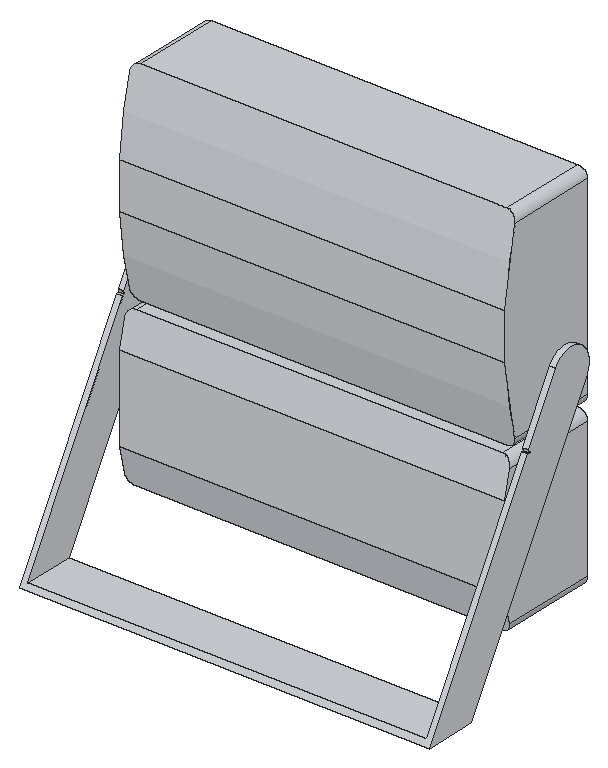
Revit family "Lighting-Floodlights-GEWISS-SMART[PRO]2.0-LED-MEDIUM-POWER_2MODULE_DALI.CLI", category Apparecchi per illuminazione, host Superficie, Revit 2019
Family settings
  Host = Superficie
  Quota connettore circolare = Usa diametro
  Tipo di parte = Normale
  Taglio con vuoti quando caricato = No
  Sorgente d'illuminazione = No
  Condiviso = No
  Punto di calcolo locali = No
Parameters (values of type "GWP2285ND - SMARTPRO2.0 2M 5700K CRI80 A3 DALI CL1")
  Wiring = "Watertight connector"
  Weight (kg): = "13"
  Weight (kg) = ""
  Warranty = "5 years"
  Voltage- = ""
  Versions = "5700K cold light"
  Version type = ""
  Version file RFA = "20.11"
  VISIBILITA PROIETTORE IN PIANTA [instance] = no
  VIBILITA SIMBOLO [instance] = not(VISIBILITA PROIETTORE IN PIANTA)  # yes
  Unique digital code (Datamatrix) = "Currently not present"
  Unified Glare Rating = "G*6 - ULOR = 0"
  URL = "https://www.gewiss.com/ww/en"
  Typology = ""
  Type of light source = "LED - Not replaceable"
  Tilt- = "Rotation on bracket with integrated goniometer"
  Technical sheet = "https://www.gewiss.com/ww/en/search?q=GWP2285ND"
  System power = "330W"
  Supply voltage = "220 - 240 V"
  Stocking temperature = "-"
  Standards and approvals = "-"
  Standard- = "EN60598-1; EN60598-2-5; IEC 62778; IEC 62471; EN13201"
  Standard Deviation Colour Matching = "SDCM = 3"
  Spostamento_x_effettivo = 4000 mm - Spostamento_x  # 1813.822 mm
  Spostamento_x = 2186.178 mm
  Shock resistance = "IK08"
  Shield type = "Flat tempered glass 4mm"
  SEO = "Floodlight"
  Regolazione inclinazione = ""
  Realized by GEWISS S.p.A. = ""
  Rated frequency (Hz) = "50 / 60"
  Default Elevation = 1219.2 mm
  Produttore = "GEWISS S.p.A."
  Photobiological Risk Class = "-"
  Overvoltage resistance : = ""
  Overvoltage protection = "DM 6 kV / CM 10 kV"
  Optic and illuminating features = "-"
  Optic Maintenance = "Not available"
  Optic : = "Polished anodised aluminum reflector with 99.99% pure aluminum"
  Optic = "A3 - Assymetric Narrow"
  Operating temperature: = ""
  Operating temperature : = "-30 +50 °C"
  N° LED = ""
  Number of modules = ""
  No. Chorus modules = ""
  Mouting and installation = "High-mast lighting - Wall mounting - Ground mouting"
  Modello = "GWP2285ND"
  Minimum distance from the illuminated object = ""
  Maximum surface exposed to the wind : = "0,170 m2"
  Maximum surface exposed to the wind = ""
  Materials = "-"
  Luminaire = "LED luminaire with small,mid and high lumen power"
  Lumen output (lm) = "37200"
  Locking Hook = "Hexagonal metric screws"
  Lifetime = "L90B10 (Tq+25°C) - 40000h L90B10 (Tq+50°C) = 32000h L80B10 (Tq+25°C) - 90000h"
  Life Time L90B10 (Tq 50Â°C) : = ""
  Life Time L90B10 (Tq 25Â°C) : = ""
  Life Time L80B10 (Tq 25Â°C) = ""
  Lampada = "LED"
  Lamp- = ""
  LED current = ""
  LED Maintenance = "Not available"
  Insulation class = "I"
  Installationa and maintenance = "-"
  Immagine tipo = GWP2274AD.jpg
  IPEA = "ROAD = A // LARGE AREAS = A3 + // CYCLOPEDONALS = A + // GREEN AREAS = A + // HISTORICAL CENTER = A5 + // OTHER = A5 +"
  IP degree = "IP66"
  IDT = "256691c01990452284852cf61e57a00c"
  IDF = "fea9197c-9a36-4712-b795-7101e1c42ea6"
  Glow Wire Test : = "-"
  General information = "-"
  Gasket = "Anti-aging silicone"
  GW - Codice Electrocod = "2424"
  Flusso nominale = ""
  Fixing = "Bracket"
  External screw = "Stainless steel"
  Eletrical and lighting features = "-"
  Efficiency (lm/W) = "113"
  EAN code = ""
  Driver Box = "Built-in"
  Driver = "Included"
  Device with reduced surface temperature = "No"
  Descrizione = "SMARTPRO2.0 2M 5700K CRI80 A3 DALI CL1"
  DIN 18032-3 certification = "Yes"
  Control System = "DALI"
  Context = "Sport, Big Areas"
  Colour temperature: = ""
  Colour temperature = "5700K"
  Colour : = "Polyester powder coated"
  Colour = "Graphite grey"
  Color Rendering Index = "CRI-80"
  Classification: = "-"
  Catalogue Range = ""
  Catalogue = "LIGHTING"
  COBie.Tagnumber = ""
  COBie.CreatedOn = ""
  COBie.CreatebBy = ""
  COBie.ComponentRegisterItemID = ""
  COBie.Component.TagNumber = ""
  COBie.Component.Space = ""
  COBie.Component.SerialNumber = ""
  COBie.Component.InstallationDate = ""
  COBie.Component.Description = ""
  COBie.Component.BarCode = ""
  Body = "Die-cast aluminium -"
  Applicazione = "Indoor / Outdoor"
Reference planes
  plane 1 "Centro (Fronte/Retro)": y = 0
  plane 2: z = 0
  plane 3 "Centro (Sinistra/Destra)": x = 0
  plane 4: x = -1813.822
  plane 5: x = 0
Lines and regions (mm)
  Masking region 1, visible <- "VISIBILITA PROIETTORE IN PIANTA"
    outline origin (0, 0, 0) x (1, 0, 0) y (0, 1, 0)
      loop
        line (-199.835, 106.682) -> (-199.835, -103.584) -> (200.165, -103.584) -> (200.165, 106.682) -> (-199.835, 106.682)
  Masking region 2, visible <- "VISIBILITA PROIETTORE IN PIANTA"
    outline origin (0, 0, 0) x (1, 0, 0) y (0, 1, 0)
      loop
        line (-212.835, -113.135) -> (213.165, -113.135) -> (213.165, 106.682) -> (207.165, 106.682) -> (207.165, -110.249) -> (-207.165, -110.249) -> (-207.165, 106.682) -> (-212.835, 106.682) -> (-212.835, -113.135)
  symbolic lines, visible <- "VISIBILITA PROIETTORE IN PIANTA"
    curve 1: line (-193.91, 0, 417.088) -> (173.228, 0, 417.088)
    curve 2: line (-206.772, 0, 217.838) -> (-206.772, 0, 404.227)
    curve 3: line (173.228, 0, 197.838) -> (-186.772, 0, 197.838)
    curve 4: line (193.228, 0, 397.088) -> (193.228, 0, 217.838)
    curve 5: arc (-206.772, 0, 404.227) -> (-203.005, 0, 413.321) -> (-193.91, 0, 417.088) r 12.861
    curve 6: arc (193.228, 0, 397.088) -> (187.37, 0, 411.23) -> (173.228, 0, 417.088) r 20
    curve 7: arc (173.228, 0, 197.838) -> (187.37, 0, 203.696) -> (193.228, 0, 217.838) r 20
    curve 8: arc (-206.772, 0, 217.838) -> (-200.914, 0, 203.696) -> (-186.772, 0, 197.838) r 20
    curve 9: line (-193.91, 0, 182.088) -> (173.228, 0, 182.088)
    curve 10: line (-206.772, 0, 57.838) -> (-206.772, 0, 169.227)
    curve 11: line (173.228, 0, 37.838) -> (-186.772, 0, 37.838)
    curve 12: line (193.228, 0, 162.088) -> (193.228, 0, 57.838)
    curve 13: arc (-206.772, 0, 169.227) -> (-203.005, 0, 178.321) -> (-193.91, 0, 182.088) r 12.861
    curve 14: arc (193.228, 0, 162.088) -> (187.37, 0, 176.23) -> (173.228, 0, 182.088) r 20
    curve 15: arc (173.228, 0, 37.838) -> (187.37, 0, 43.696) -> (193.228, 0, 57.838) r 20
    curve 16: arc (-206.772, 0, 57.838) -> (-200.914, 0, 43.696) -> (-186.772, 0, 37.838) r 20
    curve 17: line (-227.35, 0, 25) -> (-227.35, 0, 253.745)
    curve 18: line (-222.35, 0, 248.021) -> (-222.35, 0, 30)
    curve 19: line (181.521, 0, 0) -> (-192.35, 0, 0)
    curve 20: line (-197.35, 0, -5) -> (186.521, 0, -5)
    curve 21: arc (-227.35, 0, 25) -> (-218.563, 0, 3.787) -> (-197.35, 0, -5) r 30
    curve 22: arc (-222.35, 0, 30) -> (-213.563, 0, 8.787) -> (-192.35, 0, 0) r 30
    curve 23: line (-227.35, 0, 211.958) -> (-225.82, 0, 211.958)
    curve 24: line (-225.82, 0, 211.958) -> (-227.841, 0, 215.455)
    curve 25: line (-227.841, 0, 215.455) -> (-231.85, 0, 222.399)
    curve 26: line (-231.85, 0, 222.399) -> (-231.85, 0, 228.935)
    curve 27: line (-231.85, 0, 228.935) -> (-231.85, 0, 247.511)
    curve 28: line (-231.85, 0, 247.511) -> (-226.218, 0, 257.265)
    curve 29: line (-222.35, 0, 211.265) -> (-204.35, 0, 211.265)
    curve 30: line (-204.35, 0, 257.265) -> (-226.218, 0, 257.265)
    curve 31: line (216.521, 0, 25) -> (216.521, 0, 253.745)
    curve 32: line (211.521, 0, 248.021) -> (211.521, 0, 30)
    curve 33: arc (216.521, 0, 25) -> (207.734, 0, 3.787) -> (186.521, 0, -5) r 30
    curve 34: arc (211.521, 0, 30) -> (202.734, 0, 8.787) -> (181.521, 0, 0) r 30
    curve 35: line (216.521, 0, 211.958) -> (214.991, 0, 211.958)
    curve 36: line (214.991, 0, 211.958) -> (217.011, 0, 215.455)
    curve 37: line (217.011, 0, 215.455) -> (221.021, 0, 222.399)
    curve 38: line (221.021, 0, 222.399) -> (221.021, 0, 228.935)
    curve 39: line (221.021, 0, 228.935) -> (221.021, 0, 247.511)
    curve 40: line (221.021, 0, 247.511) -> (215.389, 0, 257.265)
    curve 41: line (211.521, 0, 211.265) -> (193.521, 0, 211.265)
    curve 42: line (193.521, 0, 257.265) -> (215.389, 0, 257.265)
  symbolic lines, visible <- "VISIBILITA PROIETTORE IN PIANTA", not visible
    curve 43: line (382.37, 0, 549.17) -> (749.508, 0, 549.17)
    curve 44: line (369.508, 0, 349.92) -> (369.508, 0, 536.309)
    curve 45: line (749.508, 0, 329.92) -> (389.508, 0, 329.92)
    curve 46: line (769.508, 0, 529.17) -> (769.508, 0, 349.92)
    curve 47: arc (369.508, 0, 536.309) -> (373.275, 0, 545.403) -> (382.37, 0, 549.17) r 12.861
    curve 48: arc (769.508, 0, 529.17) -> (763.651, 0, 543.313) -> (749.508, 0, 549.17) r 20
    curve 49: arc (749.508, 0, 329.92) -> (763.651, 0, 335.778) -> (769.508, 0, 349.92) r 20
    curve 50: arc (369.508, 0, 349.92) -> (375.366, 0, 335.778) -> (389.508, 0, 329.92) r 20
    curve 51: line (382.37, 0, 314.17) -> (749.508, 0, 314.17)
    curve 52: line (369.508, 0, 189.92) -> (369.508, 0, 301.309)
    curve 53: line (749.508, 0, 169.92) -> (389.508, 0, 169.92)
    curve 54: line (769.508, 0, 294.17) -> (769.508, 0, 189.92)
    curve 55: arc (369.508, 0, 301.309) -> (373.275, 0, 310.403) -> (382.37, 0, 314.17) r 12.861
    curve 56: arc (769.508, 0, 294.17) -> (763.651, 0, 308.313) -> (749.508, 0, 314.17) r 20
    curve 57: arc (749.508, 0, 169.92) -> (763.651, 0, 175.778) -> (769.508, 0, 189.92) r 20
    curve 58: arc (369.508, 0, 189.92) -> (375.366, 0, 175.778) -> (389.508, 0, 169.92) r 20
    curve 59: line (348.93, 0, 157.082) -> (348.93, 0, 385.828)
    curve 60: line (353.93, 0, 380.103) -> (353.93, 0, 162.082)
    curve 61: line (757.801, 0, 132.082) -> (383.93, 0, 132.082)
    curve 62: line (378.93, 0, 127.082) -> (762.801, 0, 127.082)
    curve 63: arc (348.93, 0, 157.082) -> (357.717, 0, 135.869) -> (378.93, 0, 127.082) r 30
    curve 64: arc (353.93, 0, 162.082) -> (362.717, 0, 140.869) -> (383.93, 0, 132.082) r 30
    curve 65: line (348.93, 0, 344.04) -> (350.46, 0, 344.04)
    curve 66: line (350.46, 0, 344.04) -> (348.439, 0, 347.537)
    curve 67: line (348.439, 0, 347.537) -> (344.43, 0, 354.481)
    curve 68: line (344.43, 0, 354.481) -> (344.43, 0, 361.017)
    curve 69: line (344.43, 0, 361.017) -> (344.43, 0, 379.593)
    curve 70: line (344.43, 0, 379.593) -> (350.062, 0, 389.347)
    curve 71: line (353.93, 0, 343.347) -> (371.93, 0, 343.347)
    curve 72: line (371.93, 0, 389.347) -> (350.062, 0, 389.347)
    curve 73: line (792.801, 0, 157.082) -> (792.801, 0, 385.828)
    curve 74: line (787.801, 0, 380.103) -> (787.801, 0, 162.082)
    curve 75: arc (792.801, 0, 157.082) -> (784.014, 0, 135.869) -> (762.801, 0, 127.082) r 30
    curve 76: arc (787.801, 0, 162.082) -> (779.014, 0, 140.869) -> (757.801, 0, 132.082) r 30
    curve 77: line (792.801, 0, 344.04) -> (791.271, 0, 344.04)
    curve 78: line (791.271, 0, 344.04) -> (793.292, 0, 347.537)
    curve 79: line (793.292, 0, 347.537) -> (797.301, 0, 354.481)
    curve 80: line (797.301, 0, 354.481) -> (797.301, 0, 361.017)
    curve 81: line (797.301, 0, 361.017) -> (797.301, 0, 379.593)
    curve 82: line (797.301, 0, 379.593) -> (791.669, 0, 389.347)
    curve 83: line (787.801, 0, 343.347) -> (769.801, 0, 343.347)
    curve 84: line (769.801, 0, 389.347) -> (791.669, 0, 389.347)
    curve 85: line (-193.91, 0, 417.088) -> (173.228, 0, 417.088)
    curve 86: line (-206.772, 0, 217.838) -> (-206.772, 0, 404.227)
    curve 87: line (173.228, 0, 197.838) -> (-186.772, 0, 197.838)
    curve 88: line (193.228, 0, 397.088) -> (193.228, 0, 217.838)
    curve 89: arc (-206.772, 0, 404.227) -> (-203.005, 0, 413.321) -> (-193.91, 0, 417.088) r 12.861
    curve 90: arc (193.228, 0, 397.088) -> (187.37, 0, 411.23) -> (173.228, 0, 417.088) r 20
    curve 91: arc (173.228, 0, 197.838) -> (187.37, 0, 203.696) -> (193.228, 0, 217.838) r 20
    curve 92: arc (-206.772, 0, 217.838) -> (-200.914, 0, 203.696) -> (-186.772, 0, 197.838) r 20
    curve 93: line (-193.91, 0, 182.088) -> (173.228, 0, 182.088)
    curve 94: line (-206.772, 0, 57.838) -> (-206.772, 0, 169.227)
    curve 95: line (173.228, 0, 37.838) -> (-186.772, 0, 37.838)
    curve 96: line (193.228, 0, 162.088) -> (193.228, 0, 57.838)
    curve 97: arc (-206.772, 0, 169.227) -> (-203.005, 0, 178.321) -> (-193.91, 0, 182.088) r 12.861
    curve 98: arc (193.228, 0, 162.088) -> (187.37, 0, 176.23) -> (173.228, 0, 182.088) r 20
    curve 99: arc (173.228, 0, 37.838) -> (187.37, 0, 43.696) -> (193.228, 0, 57.838) r 20
    curve 100: arc (-206.772, 0, 57.838) -> (-200.914, 0, 43.696) -> (-186.772, 0, 37.838) r 20
    curve 101: line (-227.35, 0, 25) -> (-227.35, 0, 253.745)
    curve 102: line (-222.35, 0, 248.021) -> (-222.35, 0, 30)
    curve 103: line (181.521, 0, 0) -> (-192.35, 0, 0)
    curve 104: line (-197.35, 0, -5) -> (186.521, 0, -5)
    curve 105: arc (-227.35, 0, 25) -> (-218.563, 0, 3.787) -> (-197.35, 0, -5) r 30
    curve 106: arc (-222.35, 0, 30) -> (-213.563, 0, 8.787) -> (-192.35, 0, 0) r 30
    curve 107: line (-227.35, 0, 211.958) -> (-225.82, 0, 211.958)
    curve 108: line (-225.82, 0, 211.958) -> (-227.841, 0, 215.455)
    curve 109: line (-227.841, 0, 215.455) -> (-231.85, 0, 222.399)
    curve 110: line (-231.85, 0, 222.399) -> (-231.85, 0, 228.935)
    curve 111: line (-231.85, 0, 228.935) -> (-231.85, 0, 247.511)
    curve 112: line (-231.85, 0, 247.511) -> (-226.218, 0, 257.265)
    curve 113: line (-222.35, 0, 211.265) -> (-204.35, 0, 211.265)
    curve 114: line (-204.35, 0, 257.265) -> (-226.218, 0, 257.265)
    curve 115: line (216.521, 0, 25) -> (216.521, 0, 253.745)
    curve 116: line (211.521, 0, 248.021) -> (211.521, 0, 30)
    curve 117: arc (216.521, 0, 25) -> (207.734, 0, 3.787) -> (186.521, 0, -5) r 30
    curve 118: arc (211.521, 0, 30) -> (202.734, 0, 8.787) -> (181.521, 0, 0) r 30
    curve 119: line (216.521, 0, 211.958) -> (214.991, 0, 211.958)
    curve 120: line (214.991, 0, 211.958) -> (217.011, 0, 215.455)
    curve 121: line (217.011, 0, 215.455) -> (221.021, 0, 222.399)
    curve 122: line (221.021, 0, 222.399) -> (221.021, 0, 228.935)
    curve 123: line (221.021, 0, 228.935) -> (221.021, 0, 247.511)
    curve 124: line (221.021, 0, 247.511) -> (215.389, 0, 257.265)
    curve 125: line (211.521, 0, 211.265) -> (193.521, 0, 211.265)
    curve 126: line (193.521, 0, 257.265) -> (215.389, 0, 257.265)
Dimensions and locks
  plane 4 to plane 3 "Centro (Sinistra/Destra)" = 1813.822 mm
  "Spostamento_x_effettivo": plane 4 to plane 5
  aligned and locked: plane 2 to host face
  aligned and locked: level to host face
  aligned and locked: plane 3 "Centro (Sinistra/Destra)" to nested 1
  aligned and locked: plane 5 to nested 2
Automatic sketch dimensions
  host sketch curve to host sketch curve = 2438.4 mm  (x2)
  Masking region 1 sketch curve to plane 3 "Centro (Sinistra/Destra)" = 199.835 mm
  plane 3 "Centro (Sinistra/Destra)" to Masking region 1 sketch curve = 200.165 mm
  plane 1 "Centro (Fronte/Retro)" to Masking region 1 sketch curve = 103.584 mm
  Masking region 1 sketch curve to plane 1 "Centro (Fronte/Retro)" = 106.682 mm
  Masking region 2 sketch curve to plane 3 "Centro (Sinistra/Destra)" = 212.835 mm
  Masking region 2 sketch curve to Masking region 2 sketch curve = 5.671 mm
  plane 3 "Centro (Sinistra/Destra)" to Masking region 2 sketch curve = 207.165 mm
  Masking region 2 sketch curve to Masking region 2 sketch curve = 6 mm
  plane 1 "Centro (Fronte/Retro)" to Masking region 2 sketch curve = 113.135 mm
  Masking region 2 sketch curve to Masking region 2 sketch curve = 2.887 mm
  Masking region 2 sketch curve to plane 1 "Centro (Fronte/Retro)" = 106.682 mm  (x2)
Nested families
  nested 1: "SMART[PRO]2.0 PROIETTORI LED MEDIA POTENZA 2 MOD DALI_BASE" at (-212.835, -103.584, 0), type "GWP2273AD - 3000K - Symm. S1 - 2x80 LED - 330W - IP66"
  nested 2: "SIMB2DALI" at (0, 20, 0), type "SIMB2DALI"
  nested 3: "SIMB2DALI" at (0, 0, 228.171) x (1, 0, 0) z (0, -1, 0), visible <- "VIBILITA SIMBOLO", type "SIMB2DALI"
Definition of nested family "SMART[PRO]2.0 PROIETTORI LED MEDIA POTENZA 2 MOD DALI_BASE"
  Parameters (values of type "GWP2273AD - 3000K - Symm. S1 - 2x80 LED - 330W - IP66")
    l = 400 mm  # constant formula
    Vetro = none
    Versioni = "Luce calda 3000K"
    Temperatura di colore = "3000 K (CRI 70)"
    Superficie massima esposta al vento [mq] = "0,43"
    Serie = "SMART [PRO] 2.0"
    Resistenza agli urti = "IK08"
    Regolazione inclinazione = "-180° ÷ + 180° staffa"
    Default Elevation = 1219.2 mm
    Manufacturer = "GEWISS"
    Potenza di sistema = "330W"
    Peso (kg) = "13"
    Ottica = "Simmetrica S1"
    N° LED = "160"
    Numero moduli = "2 (2x80 LED)"
    Model = "GWP2273AD"
    Lumen output (lm) = "34925"
    Lamp = "LED"
    Type Image = element 180151
    GW - Grado di protezione = "IP66"
    Garanzia = "5 anni"
    GEWISS SCHEDA TECNICA = "http://pro.gewiss.com/irj/portal/?NavigationTarget=pcd:portal_content/com.gewiss.ZPPFDMain/com.gewiss.ZPPFDITMain/com.gewiss.ZPPFDITMainDefault/com.gewiss.ZPPFDITPages/com.gewiss.ZPPFDITPagesAP/com.gewiss.ZPPFDITPagesAPCatalogo/com.gewiss.ZPPPDITAPProductDetail&codProd=GWP2273AD"
    Flusso nominale = "44800"
    Description = "SMART PRO 2M 3000K CRI70 TYPE S1 DALI"
    GW - Codice Electrocod = "2424"
    Classe isolamento = "I"
    Applicazione = "Interno / Esterno"
  Types (32, lengths in mm): name | Versioni | Temperatura di colore | Ottica | Model | Lumen output (lm) | GEWISS SCHEDA TECNICA | Flusso nominale | Description
    GWP2273AD - 3000K - Symm. S1 - 2x80 LED - 330W - IP66 | "Luce calda 3000K" | "3000 K (CRI 70)" | "Simmetrica S1" | "GWP2273AD" | "34925" | "http://pro.gewiss.com/irj/portal/?NavigationTarget=pcd:portal_content/com.gewiss.ZPPFDMain/com.gewiss.ZPPFDITMain/com.gewiss.ZPPFDITMainDefault/com.gewiss.ZPPFDITPages/com.gewiss.ZPPFDITPagesAP/com.gewiss.ZPPFDITPagesAPCatalogo/com.gewiss.ZPPPDITAPProductDetail&codProd=GWP2273AD" | "44800" | "SMART PRO 2M 3000K CRI70 TYPE S1 DALI"
    GWP2273BD - 3000K - Symm. S2 - 2x80 LED - 330W - IP66 | "Luce calda 3000K" | "3000 K (CRI 70)" | "Simmetrica S2" | "GWP2273BD" | "37137" | "http://pro.gewiss.com/irj/portal/?NavigationTarget=pcd:portal_content/com.gewiss.ZPPFDMain/com.gewiss.ZPPFDITMain/com.gewiss.ZPPFDITMainDefault/com.gewiss.ZPPFDITPages/com.gewiss.ZPPFDITPagesAP/com.gewiss.ZPPFDITPagesAPCatalogo/com.gewiss.ZPPPDITAPProductDetail&codProd=GWP2273BD" | "44800" | "SMART PRO 2M 3000K CRI70 TYPE S2 DALI"
    GWP2273CD - 3000K - Asymm. A1 - 2x80 LED - 330W - IP66 | "Luce calda 3000K" | "3000 K (CRI 70)" | "Asimmetrica A1" | "GWP2273CD" | "34141" | "http://pro.gewiss.com/irj/portal/?NavigationTarget=pcd:portal_content/com.gewiss.ZPPFDMain/com.gewiss.ZPPFDITMain/com.gewiss.ZPPFDITMainDefault/com.gewiss.ZPPFDITPages/com.gewiss.ZPPFDITPagesAP/com.gewiss.ZPPFDITPagesAPCatalogo/com.gewiss.ZPPPDITAPProductDetail&codProd=GWP2273CD" | "44800" | "SMART PRO 2M 3000K CRI70 TYPE A1 DALI"
    GWP2273FD - 3000K - Asymm. A2 - 2x80 LED - 330W - IP66 | "Luce calda 3000K" | "3000 K (CRI 70)" | "Asimmetrica A2" | "GWP2273FD" | "29176" | "http://pro.gewiss.com/irj/portal/?NavigationTarget=pcd:portal_content/com.gewiss.ZPPFDMain/com.gewiss.ZPPFDITMain/com.gewiss.ZPPFDITMainDefault/com.gewiss.ZPPFDITPages/com.gewiss.ZPPFDITPagesAP/com.gewiss.ZPPFDITPagesAPCatalogo/com.gewiss.ZPPPDITAPProductDetail&codProd=GWP2273FD" | "44800" | "SMART PRO 2M 3000K CRI70 TYPE A2 DALI"
    GWP2273GD - 3000K - Circ. C4 - 2x80 LED - 330W - IP66 | "Luce calda 3000K" | "3000 K (CRI 70)" | "Circolare C4" | "GWP2273GD" | "35261" | "http://pro.gewiss.com/irj/portal/?NavigationTarget=pcd:portal_content/com.gewiss.ZPPFDMain/com.gewiss.ZPPFDITMain/com.gewiss.ZPPFDITMainDefault/com.gewiss.ZPPFDITPages/com.gewiss.ZPPFDITPagesAP/com.gewiss.ZPPFDITPagesAPCatalogo/com.gewiss.ZPPPDITAPProductDetail&codProd=GWP2273GD" | "44800" | "SMART PRO 2M 3000K CRI70 TYPE C4 DALI"
    GWP2273HD - 3000K - Circ. C3 - 2x80 LED - 330W - IP66 | "Luce calda 3000K" | "3000 K (CRI 70)" | "Circolare C3" | "GWP2273HD" | "35261" | "http://pro.gewiss.com/irj/portal/?NavigationTarget=pcd:portal_content/com.gewiss.ZPPFDMain/com.gewiss.ZPPFDITMain/com.gewiss.ZPPFDITMainDefault/com.gewiss.ZPPFDITPages/com.gewiss.ZPPFDITPagesAP/com.gewiss.ZPPFDITPagesAPCatalogo/com.gewiss.ZPPPDITAPProductDetail&codProd=GWP2273HD" | "44800" | "SMART PRO 2M 3000K CRI70 TYPE C3 DALI"
    GWP2273LD - 3000K - Circ. C2 - 2x80 LED - 330W - IP66 | "Luce calda 3000K" | "3000 K (CRI 70)" | "Circolare C2" | "GWP2273LD" | "35261" | "http://pro.gewiss.com/irj/portal/?NavigationTarget=pcd:portal_content/com.gewiss.ZPPFDMain/com.gewiss.ZPPFDITMain/com.gewiss.ZPPFDITMainDefault/com.gewiss.ZPPFDITPages/com.gewiss.ZPPFDITPagesAP/com.gewiss.ZPPFDITPagesAPCatalogo/com.gewiss.ZPPPDITAPProductDetail&codProd=GWP2273LD" | "44800" | "SMART PRO 2M 3000K CRI70 TYPE C2 DALI"
    GWP2273MD - 3000K - Circ. C1 - 2x80 LED - 330W - IP66 | "Luce calda 3000K" | "3000 K (CRI 70)" | "Circolare C1" | "GWP2273MD" | "35261" | "http://pro.gewiss.com/irj/portal/?NavigationTarget=pcd:portal_content/com.gewiss.ZPPFDMain/com.gewiss.ZPPFDITMain/com.gewiss.ZPPFDITMainDefault/com.gewiss.ZPPFDITPages/com.gewiss.ZPPFDITPagesAP/com.gewiss.ZPPFDITPagesAPCatalogo/com.gewiss.ZPPPDITAPProductDetail&codProd=GWP2273MD" | "44800" | "SMART PRO 2M 3000K CRI70 TYPE C1 DALI"
    GWP2274AD - 4000K - Symm. S1 - 2x80 LED - 330W - IP66 | "Luce naturale 4000K" | "4000 K (CRI 70)" | "Simmetrica S1" | "GWP2274AD" | "37420" | "http://pro.gewiss.com/irj/portal/?NavigationTarget=pcd:portal_content/com.gewiss.ZPPFDMain/com.gewiss.ZPPFDITMain/com.gewiss.ZPPFDITMainDefault/com.gewiss.ZPPFDITPages/com.gewiss.ZPPFDITPagesAP/com.gewiss.ZPPFDITPagesAPCatalogo/com.gewiss.ZPPPDITAPProductDetail&codProd=GWP2274AD" | "48000" | "SMART PRO 2M 4000K CRI70 TYPE S1 DALI"
    GWP2274BD - 4000K - Symm. S2 - 2x80 LED - 330W - IP66 | "Luce naturale 4000K" | "4000 K (CRI 70)" | "Simmetrica S2" | "GWP2274BD" | "39790" | "http://pro.gewiss.com/irj/portal/?NavigationTarget=pcd:portal_content/com.gewiss.ZPPFDMain/com.gewiss.ZPPFDITMain/com.gewiss.ZPPFDITMainDefault/com.gewiss.ZPPFDITPages/com.gewiss.ZPPFDITPagesAP/com.gewiss.ZPPFDITPagesAPCatalogo/com.gewiss.ZPPPDITAPProductDetail&codProd=GWP2274BD" | "48000" | "SMART PRO 2M 4000K CRI70 TYPE S2 DALI"
    GWP2274CD - 4000K - Asymm. A1 - 2x80 LED - 330W - IP66 | "Luce naturale 4000K" | "4000 K (CRI 70)" | "Asimmetrica A1" | "GWP2274CD" | "36580" | "http://pro.gewiss.com/irj/portal/?NavigationTarget=pcd:portal_content/com.gewiss.ZPPFDMain/com.gewiss.ZPPFDITMain/com.gewiss.ZPPFDITMainDefault/com.gewiss.ZPPFDITPages/com.gewiss.ZPPFDITPagesAP/com.gewiss.ZPPFDITPagesAPCatalogo/com.gewiss.ZPPPDITAPProductDetail&codProd=GWP2274CD" | "48000" | "SMART PRO 2M 4000K CRI70 TYPE A1 DALI"
    GWP2274FD - 4000K - Asymm. A2 - 2x80 LED - 330W - IP66 | "Luce naturale 4000K" | "4000 K (CRI 70)" | "Asimmetrica A2" | "GWP2274FD" | "31260" | "http://pro.gewiss.com/irj/portal/?NavigationTarget=pcd:portal_content/com.gewiss.ZPPFDMain/com.gewiss.ZPPFDITMain/com.gewiss.ZPPFDITMainDefault/com.gewiss.ZPPFDITPages/com.gewiss.ZPPFDITPagesAP/com.gewiss.ZPPFDITPagesAPCatalogo/com.gewiss.ZPPPDITAPProductDetail&codProd=GWP2274FD" | "48000" | "SMART PRO 2M 4000K CRI70 TYPE A2 DALI"
    GWP2274GD - 4000K - Circ. C4 - 2x80 LED - 330W - IP66 | "Luce naturale 4000K" | "4000 K (CRI 70)" | "Circolare C4" | "GWP2274GD" | "37780" | "http://pro.gewiss.com/irj/portal/?NavigationTarget=pcd:portal_content/com.gewiss.ZPPFDMain/com.gewiss.ZPPFDITMain/com.gewiss.ZPPFDITMainDefault/com.gewiss.ZPPFDITPages/com.gewiss.ZPPFDITPagesAP/com.gewiss.ZPPFDITPagesAPCatalogo/com.gewiss.ZPPPDITAPProductDetail&codProd=GWP2274GD" | "48000" | "SMART PRO 2M 4000K CRI70 TYPE C4 DALI"
    GWP2274HD - 4000K - Circ. C3 - 2x80 LED - 330W - IP66 | "Luce naturale 4000K" | "4000 K (CRI 70)" | "Circolare C3" | "GWP2274HD" | "37780" | "http://pro.gewiss.com/irj/portal/?NavigationTarget=pcd:portal_content/com.gewiss.ZPPFDMain/com.gewiss.ZPPFDITMain/com.gewiss.ZPPFDITMainDefault/com.gewiss.ZPPFDITPages/com.gewiss.ZPPFDITPagesAP/com.gewiss.ZPPFDITPagesAPCatalogo/com.gewiss.ZPPPDITAPProductDetail&codProd=GWP2274HD" | "48000" | "SMART PRO 2M 4000K CRI70 TYPE C3 DALI"
    GWP2274LD - 4000K - Circ. C2 - 2x80 LED - 330W - IP66 | "Luce naturale 4000K" | "4000 K (CRI 70)" | "Circolare C2" | "GWP2274LD" | "37780" | "http://pro.gewiss.com/irj/portal/?NavigationTarget=pcd:portal_content/com.gewiss.ZPPFDMain/com.gewiss.ZPPFDITMain/com.gewiss.ZPPFDITMainDefault/com.gewiss.ZPPFDITPages/com.gewiss.ZPPFDITPagesAP/com.gewiss.ZPPFDITPagesAPCatalogo/com.gewiss.ZPPPDITAPProductDetail&codProd=GWP2274LD" | "48000" | "SMART PRO 2M 4000K CRI70 TYPE C2 DALI"
    GWP2274MD - 4000K - Circ. C1 - 2x80 LED - 330W - IP66 | "Luce naturale 4000K" | "4000 K (CRI 70)" | "Circolare C1" | "GWP2274MD" | "37780" | "http://pro.gewiss.com/irj/portal/?NavigationTarget=pcd:portal_content/com.gewiss.ZPPFDMain/com.gewiss.ZPPFDITMain/com.gewiss.ZPPFDITMainDefault/com.gewiss.ZPPFDITPages/com.gewiss.ZPPFDITPagesAP/com.gewiss.ZPPFDITPagesAPCatalogo/com.gewiss.ZPPPDITAPProductDetail&codProd=GWP2274MD" | "48000" | "SMART PRO 2M 4000K CRI70 TYPE C1 DALI"
    GWP2275AD - 5700K - Symm. S1 - 2x80 LED - 330W - IP66 | "Luce fredda 5700K" | "5700 K (CRI 70)" | "Simmetrica S1" | "GWP2275AD" | "37420" | "http://pro.gewiss.com/irj/portal/?NavigationTarget=pcd:portal_content/com.gewiss.ZPPFDMain/com.gewiss.ZPPFDITMain/com.gewiss.ZPPFDITMainDefault/com.gewiss.ZPPFDITPages/com.gewiss.ZPPFDITPagesAP/com.gewiss.ZPPFDITPagesAPCatalogo/com.gewiss.ZPPPDITAPProductDetail&codProd=GWP2275AD" | "48000" | "SMART PRO 2M 5700K CRI70 TYPE S1 DALI"
    GWP2275BD - 5700K - Symm. S2 - 2x80 LED - 330W - IP66 | "Luce fredda 5700K" | "5700 K (CRI 70)" | "Simmetrica S2" | "GWP2275BD" | "39790" | "http://pro.gewiss.com/irj/portal/?NavigationTarget=pcd:portal_content/com.gewiss.ZPPFDMain/com.gewiss.ZPPFDITMain/com.gewiss.ZPPFDITMainDefault/com.gewiss.ZPPFDITPages/com.gewiss.ZPPFDITPagesAP/com.gewiss.ZPPFDITPagesAPCatalogo/com.gewiss.ZPPPDITAPProductDetail&codProd=GWP2275BD" | "48000" | "SMART PRO 2M 5700K CRI70 TYPE S2 DALI"
    GWP2275CD - 5700K - Asymm. A1 - 2x80 LED - 330W - IP66 | "Luce fredda 5700K" | "5700 K (CRI 70)" | "Asimmetrica A1" | "GWP2275CD" | "36580" | "http://pro.gewiss.com/irj/portal/?NavigationTarget=pcd:portal_content/com.gewiss.ZPPFDMain/com.gewiss.ZPPFDITMain/com.gewiss.ZPPFDITMainDefault/com.gewiss.ZPPFDITPages/com.gewiss.ZPPFDITPagesAP/com.gewiss.ZPPFDITPagesAPCatalogo/com.gewiss.ZPPPDITAPProductDetail&codProd=GWP2275CD" | "48000" | "SMART PRO 2M 5700K CRI70 TYPE A1 DALI"
    GWP2275FD - 5700K - Asymm. A2 - 2x80 LED - 330W - IP66 | "Luce fredda 5700K" | "5700 K (CRI 70)" | "Asimmetrica A2" | "GWP2275FD" | "31260" | "http://pro.gewiss.com/irj/portal/?NavigationTarget=pcd:portal_content/com.gewiss.ZPPFDMain/com.gewiss.ZPPFDITMain/com.gewiss.ZPPFDITMainDefault/com.gewiss.ZPPFDITPages/com.gewiss.ZPPFDITPagesAP/com.gewiss.ZPPFDITPagesAPCatalogo/com.gewiss.ZPPPDITAPProductDetail&codProd=GWP2275FD" | "48000" | "SMART PRO 2M 5700K CRI70 TYPE A2 DALI"
    GWP2275GD - 5700K - Circ. C4 - 2x80 LED - 330W - IP66 | "Luce fredda 5700K" | "5700 K (CRI 70)" | "Circolare C4" | "GWP2275GD" | "37780" | "http://pro.gewiss.com/irj/portal/?NavigationTarget=pcd:portal_content/com.gewiss.ZPPFDMain/com.gewiss.ZPPFDITMain/com.gewiss.ZPPFDITMainDefault/com.gewiss.ZPPFDITPages/com.gewiss.ZPPFDITPagesAP/com.gewiss.ZPPFDITPagesAPCatalogo/com.gewiss.ZPPPDITAPProductDetail&codProd=GWP2275GD" | "48000" | "SMART PRO 2M 5700K CRI70 TYPE C4 DALI"
    GWP2275HD - 5700K - Circ. C3 - 2x80 LED - 330W - IP66 | "Luce fredda 5700K" | "5700 K (CRI 70)" | "Circolare C3" | "GWP2275HD" | "37780" | "http://pro.gewiss.com/irj/portal/?NavigationTarget=pcd:portal_content/com.gewiss.ZPPFDMain/com.gewiss.ZPPFDITMain/com.gewiss.ZPPFDITMainDefault/com.gewiss.ZPPFDITPages/com.gewiss.ZPPFDITPagesAP/com.gewiss.ZPPFDITPagesAPCatalogo/com.gewiss.ZPPPDITAPProductDetail&codProd=GWP2275HD" | "48000" | "SMART PRO 2M 5700K CRI70 TYPE C3 DALI"
    GWP2275LD - 5700K - Circ. C2 - 2x80 LED - 330W - IP66 | "Luce fredda 5700K" | "5700 K (CRI 70)" | "Circolare C2" | "GWP2275LD" | "37780" | "http://pro.gewiss.com/irj/portal/?NavigationTarget=pcd:portal_content/com.gewiss.ZPPFDMain/com.gewiss.ZPPFDITMain/com.gewiss.ZPPFDITMainDefault/com.gewiss.ZPPFDITPages/com.gewiss.ZPPFDITPagesAP/com.gewiss.ZPPFDITPagesAPCatalogo/com.gewiss.ZPPPDITAPProductDetail&codProd=GWP2275LD" | "48000" | "SMART PRO 2M 5700K CRI70 TYPE C2 DALI"
    GWP2275MD - 5700K - Circ. C1 - 2x80 LED - 330W - IP66 | "Luce fredda 5700K" | "5700 K (CRI 70)" | "Circolare C1" | "GWP2275MD" | "37780" | "http://pro.gewiss.com/irj/portal/?NavigationTarget=pcd:portal_content/com.gewiss.ZPPFDMain/com.gewiss.ZPPFDITMain/com.gewiss.ZPPFDITMainDefault/com.gewiss.ZPPFDITPages/com.gewiss.ZPPFDITPagesAP/com.gewiss.ZPPFDITPagesAPCatalogo/com.gewiss.ZPPPDITAPProductDetail&codProd=GWP2275MD" | "48000" | "SMART PRO 2M 5700K CRI70 TYPE C1 DALI"
    GWP2284AD | "Luce naturale 4000K" | "4000 K (CRI 70)" | "Simmetrica S1" | "GWP2274AD" | "37420" | "http://pro.gewiss.com/irj/portal/?NavigationTarget=pcd:portal_content/com.gewiss.ZPPFDMain/com.gewiss.ZPPFDITMain/com.gewiss.ZPPFDITMainDefault/com.gewiss.ZPPFDITPages/com.gewiss.ZPPFDITPagesAP/com.gewiss.ZPPFDITPagesAPCatalogo/com.gewiss.ZPPPDITAPProductDetail&codProd=GWP2274AD" | "48000" | "SMART PRO 2M 4000K CRI70 TYPE S1 DALI"
    GWP2284BD | "Luce naturale 4000K" | "4000 K (CRI 70)" | "Simmetrica S2" | "GWP2274BD" | "39790" | "http://pro.gewiss.com/irj/portal/?NavigationTarget=pcd:portal_content/com.gewiss.ZPPFDMain/com.gewiss.ZPPFDITMain/com.gewiss.ZPPFDITMainDefault/com.gewiss.ZPPFDITPages/com.gewiss.ZPPFDITPagesAP/com.gewiss.ZPPFDITPagesAPCatalogo/com.gewiss.ZPPPDITAPProductDetail&codProd=GWP2274BD" | "48000" | "SMART PRO 2M 4000K CRI70 TYPE S2 DALI"
    GWP2284CD | "Luce naturale 4000K" | "4000 K (CRI 70)" | "Asimmetrica A1" | "GWP2274CD" | "36580" | "http://pro.gewiss.com/irj/portal/?NavigationTarget=pcd:portal_content/com.gewiss.ZPPFDMain/com.gewiss.ZPPFDITMain/com.gewiss.ZPPFDITMainDefault/com.gewiss.ZPPFDITPages/com.gewiss.ZPPFDITPagesAP/com.gewiss.ZPPFDITPagesAPCatalogo/com.gewiss.ZPPPDITAPProductDetail&codProd=GWP2274CD" | "48000" | "SMART PRO 2M 4000K CRI70 TYPE A1 DALI"
    GWP2284FD | "Luce naturale 4000K" | "4000 K (CRI 70)" | "Asimmetrica A2" | "GWP2274FD" | "31260" | "http://pro.gewiss.com/irj/portal/?NavigationTarget=pcd:portal_content/com.gewiss.ZPPFDMain/com.gewiss.ZPPFDITMain/com.gewiss.ZPPFDITMainDefault/com.gewiss.ZPPFDITPages/com.gewiss.ZPPFDITPagesAP/com.gewiss.ZPPFDITPagesAPCatalogo/com.gewiss.ZPPPDITAPProductDetail&codProd=GWP2274FD" | "48000" | "SMART PRO 2M 4000K CRI70 TYPE A2 DALI"
    GWP2284GD | "Luce naturale 4000K" | "4000 K (CRI 70)" | "Circolare C4" | "GWP2274GD" | "37780" | "http://pro.gewiss.com/irj/portal/?NavigationTarget=pcd:portal_content/com.gewiss.ZPPFDMain/com.gewiss.ZPPFDITMain/com.gewiss.ZPPFDITMainDefault/com.gewiss.ZPPFDITPages/com.gewiss.ZPPFDITPagesAP/com.gewiss.ZPPFDITPagesAPCatalogo/com.gewiss.ZPPPDITAPProductDetail&codProd=GWP2274GD" | "48000" | "SMART PRO 2M 4000K CRI70 TYPE C4 DALI"
    GWP2284HD | "Luce naturale 4000K" | "4000 K (CRI 70)" | "Circolare C3" | "GWP2274HD" | "37780" | "http://pro.gewiss.com/irj/portal/?NavigationTarget=pcd:portal_content/com.gewiss.ZPPFDMain/com.gewiss.ZPPFDITMain/com.gewiss.ZPPFDITMainDefault/com.gewiss.ZPPFDITPages/com.gewiss.ZPPFDITPagesAP/com.gewiss.ZPPFDITPagesAPCatalogo/com.gewiss.ZPPPDITAPProductDetail&codProd=GWP2274HD" | "48000" | "SMART PRO 2M 4000K CRI70 TYPE C3 DALI"
    GWP2284LD | "Luce naturale 4000K" | "4000 K (CRI 70)" | "Circolare C2" | "GWP2274LD" | "37780" | "http://pro.gewiss.com/irj/portal/?NavigationTarget=pcd:portal_content/com.gewiss.ZPPFDMain/com.gewiss.ZPPFDITMain/com.gewiss.ZPPFDITMainDefault/com.gewiss.ZPPFDITPages/com.gewiss.ZPPFDITPagesAP/com.gewiss.ZPPFDITPagesAPCatalogo/com.gewiss.ZPPPDITAPProductDetail&codProd=GWP2274LD" | "48000" | "SMART PRO 2M 4000K CRI70 TYPE C2 DALI"
    GWP2284MD | "Luce naturale 4000K" | "4000 K (CRI 70)" | "Circolare C1" | "GWP2274MD" | "37780" | "http://pro.gewiss.com/irj/portal/?NavigationTarget=pcd:portal_content/com.gewiss.ZPPFDMain/com.gewiss.ZPPFDITMain/com.gewiss.ZPPFDITMainDefault/com.gewiss.ZPPFDITPages/com.gewiss.ZPPFDITPagesAP/com.gewiss.ZPPFDITPagesAPCatalogo/com.gewiss.ZPPPDITAPProductDetail&codProd=GWP2274MD" | "48000" | "SMART PRO 2M 4000K CRI70 TYPE C1 DALI"
  Reference planes
    plane 1 "Centro (Fronte/Retro)": y = 0
    plane 2: z = 0
    plane 3 "Centro (Sinistra/Destra)": x = 0
    plane 4: x = 5.671
    plane 5: z = 5
    plane 6: x = 426
    plane 7: x = 420
    plane 8: y = -9.551
    plane 9: y = 43.565
    plane 10: z = 267.876
    plane 11: z = 218.171
    plane 12: z = 212.854
    plane 13: x = 13
    plane 14: x = 413
    plane 15: z = 438.501
    plane 16: x = 212.835
    plane 17: z = 48.854
    plane 18: y = 210.266
    plane 19: y = 103.584
    plane 20: x = 23
    plane 21: z = 428.501
    plane 22: z = 228.171
    plane 23: x = 403
    plane 24: y = 174.258
    plane 25: x = 200.335
    plane 26: x = 225.335
  Forms (mm)
    Extrusion 1, solid
      sketch origin (0, 0, 0) x (0, 1, 0) y (0, 0, 1)
        loop
          line (153.15, 281.807) -> (-9.551, 0) -> (43.565, 0) -> (192.952, 258.745)
          arc (192.952, 258.745) -> (184.564, 290.146) -> (153.15, 281.807) r 23
      from 0 to 5.671
    Extrusion 2, solid
      sketch origin (448.871, 0, 0) x (0, 1, 0) y (0, 0, -1)
        loop
          arc (153.15, -281.807) -> (184.564, -290.146) -> (192.952, -258.745) r 23
          line (192.952, -258.745) -> (43.565, 0) -> (-9.551, 0) -> (153.15, -281.807)
      from 22.871 to 28.871
    Extrusion 3, solid
      sketch origin (0, 0, 0) x (0, 1, 0) y (0, 0, 1)
        loop
          line (46.452, 5) -> (-6.664, 5) -> (-9.551, 0) -> (43.565, 0) -> (46.452, 5)
      from 0 to 426
    Extrusion 4, solid
      sketch origin (0, 0, 0) x (1, 0, 0) y (0, 0, 1)
        loop
          arc (23, 438.501) -> (15.929, 435.572) -> (13, 428.501) r 10
          line (13, 428.501) -> (13, 228.171)
          arc (13, 228.171) -> (15.929, 221.1) -> (23, 218.171) r 10
          line (23, 218.171) -> (403, 218.171)
          arc (403, 218.171) -> (410.071, 221.1) -> (413, 228.171) r 10
          line (413, 228.171) -> (413, 428.501)
          arc (413, 428.501) -> (410.071, 435.572) -> (403, 438.501) r 10
          line (403, 438.501) -> (23, 438.501)
      from -210.266 to -103.584
    Extrusion 5, solid
      sketch origin (0, 0, 0) x (1, 0, 0) y (0, 0, 1)
        loop
          line (23, 48.854) -> (403, 48.854)
          arc (403, 48.854) -> (410.071, 51.783) -> (413, 58.854) r 10
          line (413, 58.854) -> (413, 202.854)
          arc (413, 202.854) -> (410.071, 209.925) -> (403, 212.854) r 10
          line (403, 212.854) -> (23, 212.854)
          arc (23, 212.854) -> (15.929, 209.925) -> (13, 202.854) r 10
          line (13, 202.854) -> (13, 58.854)
          arc (13, 58.854) -> (15.929, 51.783) -> (23, 48.854) r 10
      from -210.266 to -103.584
    Extrusion 6, void
      sketch origin (0, 0, 0) x (0, 1, 0) y (0, 0, 1)
        loop
          line (0, 438.501) -> (0, 218.171) -> (119.109, 218.171)
          arc (119.109, 218.171) -> (108.875, 260.63) -> (103.584, 303.983) r 379.693
          line (103.584, 303.983) -> (103.584, 352.689)
          arc (103.584, 352.689) -> (108.875, 396.042) -> (119.109, 438.501) r 379.693
          line (119.109, 438.501) -> (0, 438.501)
      from 0 to 426
    Extrusion 7, void
      sketch origin (0, 0, 0) x (1, 0, 0) y (0, 0, 1)
        loop
          arc (33, 428.501) -> (25.929, 425.572) -> (23, 418.501) r 10
          line (23, 418.501) -> (23, 238.171)
          arc (23, 238.171) -> (25.929, 231.1) -> (33, 228.171) r 10
          line (33, 228.171) -> (393, 228.171)
          arc (393, 228.171) -> (400.071, 231.1) -> (403, 238.171) r 10
          line (403, 238.171) -> (403, 418.501)
          arc (403, 418.501) -> (400.071, 425.572) -> (393, 428.501) r 10
          line (393, 428.501) -> (33, 428.501)
      from -210.266 to -174.258
    Extrusion 8, solid, material <- "Vetro"
      sketch origin (0, 0, 0) x (1, 0, 0) y (0, 0, 1)
        loop
          line (23, 418.501) -> (23, 238.171)
          arc (23, 238.171) -> (25.929, 231.1) -> (33, 228.171) r 10
          line (33, 228.171) -> (393, 228.171)
          arc (393, 228.171) -> (400.071, 231.1) -> (403, 238.171) r 10
          line (403, 238.171) -> (403, 418.501)
          arc (403, 418.501) -> (400.071, 425.572) -> (393, 428.501) r 10
          line (393, 428.501) -> (33, 428.501)
          arc (33, 428.501) -> (25.929, 425.572) -> (23, 418.501) r 10
      from -210.266 to -174.258
    Extrusion 9, void
      sketch origin (0, 0, 0) x (0, 1, 0) y (0, 0, 1)
        loop
          line (103.584, 86.118) -> (103.584, 175.59)
          arc (103.584, 175.59) -> (107.698, 194.338) -> (112.752, 212.854) r 380
          line (112.752, 212.854) -> (0, 212.854) -> (0, 48.854) -> (112.752, 48.854)
          arc (112.752, 48.854) -> (107.698, 67.37) -> (103.584, 86.118) r 380
      from 13 to 413
  Cuts and joins
    Extrusion 6, Extrusion 9 cuts Extrusion 1
    Extrusion 6, Extrusion 9 cuts Extrusion 2
    Extrusion 6, Extrusion 9 cuts Extrusion 3
    joined: Extrusion 1, Extrusion 2, Extrusion 3
    Extrusion 6, Extrusion 7 cuts Extrusion 4
    Extrusion 9 cuts Extrusion 5
  Dimensions and locks
    locked: plane 3 "Centro (Sinistra/Destra)" to plane 4 at 5.671
    locked: plane 5 to level at 5
    locked: plane 6 to plane 7 at 6
    plane 10 to plane 2 = 267.876 mm
    plane 11 to plane 12 = 5.317 mm
    locked: plane 13 to plane 4 at 7.329
    locked: plane 7 to plane 14 at 7
    plane 15 to plane 11 = 220.33 mm
    equal spacing: plane 7, plane 16, plane 4
    "l": plane 14 to plane 13
    locked: plane 20 to plane 13 at 10
    locked: plane 15 to plane 21 at 10
    locked: plane 14 to plane 23 at 10
    locked: plane 22 to plane 11 at 10
    locked: plane 24 to plane 18 at 36.008
    equal spacing: plane 26, plane 16, plane 25
    locked: plane 26 to plane 25 at 25
    radius of Extrusion 4 sketch curve = 10 mm  (x4)
    radius of Extrusion 5 sketch curve = 10 mm  (x4)
    radius of Extrusion 7 sketch curve = 10 mm  (x4)
    radius of Extrusion 8 sketch curve = 10 mm  (x4)
    angle plane 1 "Centro (Fronte/Retro)" to plane 17 = 90.00°
    angle level to plane 19 = 90.00°
    aligned and locked: level to plane 2
    aligned and locked: Extrusion 1 to plane 3 "Centro (Sinistra/Destra)"
    aligned and locked: plane 4 to Extrusion 1
    aligned and locked: plane 6 to Extrusion 2
    aligned and locked: Extrusion 2 to plane 7
    aligned and locked: Extrusion 3 sketch curve to plane 5
    aligned and locked: Extrusion 3 sketch curve to level
    aligned and locked: cut or joined group of Extrusion 1, Extrusion 2, Extrusion 3, Extrusion 6, Extrusion 9 to Extrusion 3 sketch curve
    aligned and locked: Extrusion 3 sketch curve to cut or joined group of Extrusion 1, Extrusion 2, Extrusion 3, Extrusion 6, Extrusion 9
    aligned and locked: plane 6 to cut or joined group of Extrusion 1, Extrusion 2, Extrusion 3, Extrusion 6, Extrusion 9
    aligned and locked: Extrusion 4 sketch curve to plane 15
    aligned and locked: Extrusion 4 sketch curve to plane 13
    aligned and locked: Extrusion 4 sketch curve to plane 14
    aligned and locked: Extrusion 4 sketch curve to plane 11
    aligned and locked: Extrusion 5 sketch curve to plane 17
    aligned and locked: Extrusion 5 sketch curve to plane 13
    aligned and locked: Extrusion 5 sketch curve to plane 12
    aligned and locked: Extrusion 5 sketch curve to plane 14
    aligned and locked: plane 18 to Extrusion 4
    aligned and locked: Extrusion 5 to Extrusion 4
    aligned and locked: plane 19 to Extrusion 4
    aligned and locked: Extrusion 4 to Extrusion 5
    aligned and locked: Extrusion 6 sketch curve to plane 15
    aligned and locked: Extrusion 6 sketch curve to plane 19
    aligned and locked: Extrusion 6 sketch curve to plane 1 "Centro (Fronte/Retro)"
    aligned and locked: Extrusion 6 sketch curve to plane 11
    aligned and locked: plane 6 to Extrusion 6
    aligned and locked: Extrusion 6 to plane 3 "Centro (Sinistra/Destra)"
    aligned and locked: Extrusion 7 sketch curve to plane 21
    aligned and locked: Extrusion 7 sketch curve to plane 20
    aligned and locked: Extrusion 7 sketch curve to plane 22
    aligned and locked: Extrusion 7 sketch curve to plane 23
    aligned and locked: plane 18 to Extrusion 7
    aligned and locked: Extrusion 7 to plane 24
    aligned and locked: Extrusion 8 sketch curve to plane 20
    aligned and locked: Extrusion 8 sketch curve to plane 21
    aligned and locked: Extrusion 8 sketch curve to plane 22
    aligned and locked: Extrusion 8 sketch curve to plane 23
    aligned and locked: plane 18 to Extrusion 8
    aligned and locked: Extrusion 8 to plane 24
    aligned and locked: Extrusion 9 sketch curve to plane 19
    aligned and locked: Extrusion 9 sketch curve to plane 12
    aligned and locked: Extrusion 9 sketch curve to plane 17
    aligned and locked: Extrusion 9 sketch curve to plane 1 "Centro (Fronte/Retro)"
    aligned and locked: Extrusion 9 to plane 13
    aligned and locked: plane 14 to Extrusion 9
  Automatic sketch dimensions
    Extrusion 1 sketch curve to level = 0 mm
    Extrusion 1 sketch curve to plane 8 = 0 mm
    Extrusion 1 sketch curve to plane 9 = 0 mm
    plane 10 to Extrusion 1 sketch curve = 13.931 mm
    Extrusion 1 sketch curve to plane 9 = 109.585 mm
    plane 10 to Extrusion 1 sketch curve = 2.369 mm
    Extrusion 1 sketch curve to Extrusion 1 sketch curve = 19.883 mm
    Extrusion 1 sketch curve to plane 10 = 9.131 mm  (x2)
    Extrusion 1 sketch curve to Extrusion 1 sketch curve = 0 mm
    Extrusion 2 sketch curve to level = 0 mm
    Extrusion 2 sketch curve to plane 8 = 0 mm
    Extrusion 2 sketch curve to plane 9 = 0 mm
    plane 10 to Extrusion 2 sketch curve = 13.931 mm
    Extrusion 2 sketch curve to plane 9 = 109.585 mm
    plane 10 to Extrusion 2 sketch curve = 2.369 mm
    Extrusion 2 sketch curve to Extrusion 2 sketch curve = 19.883 mm
    Extrusion 2 sketch curve to plane 10 = 9.131 mm  (x2)
    Extrusion 2 sketch curve to Extrusion 2 sketch curve = 0 mm
    plane 10 to Extrusion 6 sketch curve = 60.571 mm
    Extrusion 6 sketch curve to Extrusion 6 sketch curve = 15.525 mm
    Extrusion 6 sketch curve to plane 15 = 85.812 mm
    Extrusion 6 sketch curve to Extrusion 6 sketch curve = 0 mm  (x2)
    Extrusion 6 sketch curve to Extrusion 6 sketch curve = 0.222 mm
    plane 17 to Extrusion 9 sketch curve = 54.7 mm
    Extrusion 9 sketch curve to Extrusion 9 sketch curve = 0 mm
    Extrusion 9 sketch curve to Extrusion 9 sketch curve = 54.6 mm
    Extrusion 9 sketch curve to plane 19 = 9.168 mm
    plane 12 to Extrusion 9 sketch curve = 37.264 mm
    plane 18 to Extrusion 9 sketch curve = 266.428 mm
Definition of nested family "SIMB2DALI"
  Parameters (values of type "SIMB2DALI")
    VIS_SIMB = yes
  Reference planes
    plane 1 "Centro (Fronte/Retro)": y = 0
    plane 2: z = 0
    plane 3 "Centro (Sinistra/Destra)": x = 0
  Lines and regions (mm)
    model lines, in view "Livello rif.", visible <- "VIS_SIMB"
      curve 1: line (91.569, -18.378, 0) -> (48.369, 3.129, 0)
      curve 2: line (48.369, 3.129, 0) -> (91.569, 24.896, 0)
      curve 3: line (91.569, 24.896, 0) -> (91.569, -18.378, 0)
      curve 4: line (48.369, 24.766, 0) -> (48.369, -18.507, 0)
      curve 5: line (48.369, 3.129, 0) -> (23.108, 3.129, 0)
      curve 6: line (91.569, 3.259, 0) -> (110.222, 3.259, 0)
      curve 7: line (133.137, 69.884, 0) -> (133.137, -63.61, 0)
      curve 8: line (133.137, -63.61, 0) -> (-126.863, -63.61, 0)
      curve 9: line (-126.863, -63.61, 0) -> (-126.863, 69.884, 0)
      curve 10: line (-126.863, 69.884, 0) -> (133.137, 69.884, 0)
      curve 11: line (16.747, 52.804, 0) -> (116.097, 52.804, 0)
      curve 12: line (116.097, 52.804, 0) -> (116.097, -46.545, 0)
      curve 13: line (116.097, -46.545, 0) -> (16.747, -46.545, 0)
      curve 14: line (16.747, -46.545, 0) -> (16.747, 52.804, 0)
      curve 15: line (-35.001, -18.378, 0) -> (-78.201, 3.129, 0)
      curve 16: line (-78.201, 3.129, 0) -> (-35.001, 24.896, 0)
      curve 17: line (-35.001, 24.896, 0) -> (-35.001, -18.378, 0)
      curve 18: line (-78.201, 24.766, 0) -> (-78.201, -18.507, 0)
      curve 19: line (-78.201, 3.129, 0) -> (-103.461, 3.129, 0)
      curve 20: line (-35.001, 3.259, 0) -> (-16.348, 3.259, 0)
      curve 21: line (-109.822, 52.804, 0) -> (-10.473, 52.804, 0)
      curve 22: line (-10.473, 52.804, 0) -> (-10.473, -46.545, 0)
      curve 23: line (-10.473, -46.545, 0) -> (-109.822, -46.545, 0)
      curve 24: line (-109.822, -46.545, 0) -> (-109.822, 52.804, 0)
Types (46, lengths in mm): name | Wiring | Weight (kg): | Weight (kg) | Voltage- | Versions | Version type | Unique digital code (Datamatrix) | Unified Glare Rating | Typology | Type of light source | Tilt- | Technical sheet | Supply voltage | Stocking temperature | Standards and approvals | Standard- | Standard Deviation Colour Matching | Shield type | SEO | Regolazione inclinazione | Rated frequency (Hz) | Photobiological Risk Class | Overvoltage resistance : | Overvoltage protection | Optic and illuminating features | Optic Maintenance | Optic : | Optic | Operating temperature: | Operating temperature : | N° LED | Number of modules | No. Chorus modules | Mouting and installation | Modello | Minimum distance from the illuminated object | Maximum surface exposed to the wind : | Maximum surface exposed to the wind | Materials | Luminaire | Lumen output (lm) | Locking Hook | Lifetime | Life Time L90B10 (Tq 50Â°C) : | Life Time L90B10 (Tq 25Â°C) : | Life Time L80B10 (Tq 25Â°C) | Lamp- | LED current | LED Maintenance | Installationa and maintenance | Immagine tipo | IPEA | IDT | Glow Wire Test : | General information | Gasket | GW - Codice Electrocod | Flusso nominale | Fixing | External screw | Eletrical and lighting features | Efficiency (lm/W) | Driver Box | Driver | Device with reduced surface temperature | Descrizione | DIN 18032-3 certification | Control System | Context | Colour temperature: | Colour temperature | Colour : | Colour | Color Rendering Index | Classification: | Catalogue Range | Body
  (no name) | "Watertight connector" | "13" | "13" | "220 / 240 V - 50 / 60 Hz" | "5700K cold light" | "5700K cold light" | "Currently not present" | "G*6 - ULOR = 0" | "DALI" | "LED - Not replaceable" | "Rotation on bracket with integrated goniometer" | "https://www.gewiss.com/ww/en/search?q=GWP2285ND" | "220 - 240 V" | "-" | "-" | "EN60598-1; EN60598-2-5; IEC 62778; IEC 62471; EN13201" | "SDCM = 3" | "Flat tempered glass 4mm" | "Floodlight" | "-180° ÷ + 180° Bracket" | "50 / 60" | "-" | "Common mode: 10KV; Differential mode: 6KV" | "DM 6 kV / CM 10 kV" | "-" | "Not available" | "Polished anodised aluminum reflector with 99.99% pure aluminum" | "A3 - Assymetric Narrow" | "-30 +50 °C" | "-30 +50 °C" | "160" | "2" | "2 (2x80 LED)" | "High-mast lighting - Wall mounting - Ground mouting" | "GWP2285ND" | "1M" | "0,170 m2" | "0,17M2" | "-" | "LED luminaire with small,mid and high lumen power" | "37200" | "Hexagonal metric screws" | "L90B10 (Tq+25°C) - 40000h L90B10 (Tq+50°C) = 32000h L80B10 (Tq+25°C) - 90000h" | "32000 H" | ">40000 H" | ">90000 H" | "LED" | "0,7 A" | "Not available" | "-" | GWP2273AD.jpg | "ROAD = A // LARGE AREAS = A3 + // CYCLOPEDONALS = A + // GREEN AREAS = A + // HISTORICAL CENTER = A5 + // OTHER = A5 +" | "256691c01990452284852cf61e57a00c" | "-" | "-" | "Anti-aging silicone" | "2424" | "45000" | "Bracket" | "Stainless steel" | "-" | "113" | "Built-in" | "Included" | "No" | "SMARTPRO2.0 2M 5700K CRI80 A3 DALI CL1" | "Yes" | "DALI" | "Sport, Big Areas" | "4000 K (CRI>80)" | "5700K" | "Polyester powder coated" | "Graphite grey" | "CRI-80" | "-" | "SMART [PRO] 2.0" | "Die-cast aluminium -"
  GWP2273AD - SMART PRO 2M CRI70 3000K TYPE S1 DALI | "" | "" | "13" | "" | "" | "3000K warm light" | "" | "" | "" | "" | "" | "https://www.gewiss.com/ww/en/search?q=GWP2273AD" | "" | "" | "" | "" | "" | "" | "" | "-180° ÷ + 180° Bracket" | "" | "" | "" | "" | "" | "" | "" | "Symmetrical S1" | "" | "" | "160" | "" | "2 (2x80 LED)" | "" | "GWP2273AD" | "" | "" | "0,43" | "" | "" | "34925" | "" | "" | "" | "" | "" | "" | "" | "" | "" | GWP2273AD.jpg | "" | "63cc2bc2-4646-4a8c-a197-fb0a7bab9bd2" | "" | "" | "" | "" | "44800" | "" | "" | "" | "" | "" | "" | "" | "SMART PRO 2M 3000K CRI70 TYPE S1 DALI" | "" | "" | "" | "" | "3000 K (CRI 70)" | "" | "" | "" | "" | "SMART[PRO]2.0" | ""
  GWP2273BD - SMART PRO 2M CRI70 3000K TYPE S2 DALI | "" | "" | "13" | "" | "" | "3000K warm light" | "" | "" | "" | "" | "" | "https://www.gewiss.com/ww/en/search?q=GWP2273BD" | "" | "" | "" | "" | "" | "" | "" | "-180° ÷ + 180° Bracket" | "" | "" | "" | "" | "" | "" | "" | "Symmetrical S2" | "" | "" | "160" | "" | "2 (2x80 LED)" | "" | "GWP2273BD" | "" | "" | "0,43" | "" | "" | "37137" | "" | "" | "" | "" | "" | "" | "" | "" | "" | GWP2273BD.jpg | "" | "81068677-1a88-4dfc-97fc-47c6367ab67a" | "" | "" | "" | "" | "44800" | "" | "" | "" | "" | "" | "" | "" | "SMART PRO 2M 3000K CRI70 TYPE S2 DALI" | "" | "" | "" | "" | "3000 K (CRI 70)" | "" | "" | "" | "" | "SMART[PRO]2.0" | ""
  GWP2273CD - SMART PRO 2M CRI70 3000K TYPE A1 DALI | "" | "" | "13" | "" | "" | "3000K warm light" | "" | "" | "" | "" | "" | "https://www.gewiss.com/ww/en/search?q=GWP2273CD" | "" | "" | "" | "" | "" | "" | "" | "-180° ÷ + 180° Bracket" | "" | "" | "" | "" | "" | "" | "" | "Asymmetrical A1" | "" | "" | "160" | "" | "2 (2x80 LED)" | "" | "GWP2273CD" | "" | "" | "0,43" | "" | "" | "34141" | "" | "" | "" | "" | "" | "" | "" | "" | "" | GWP2273CD.jpg | "" | "1c54d630-84b3-479c-b49b-c916d9f026c5" | "" | "" | "" | "" | "44800" | "" | "" | "" | "" | "" | "" | "" | "SMART PRO 2M 3000K CRI70 TYPE A1 DALI" | "" | "" | "" | "" | "3000 K (CRI 70)" | "" | "" | "" | "" | "SMART[PRO]2.0" | ""
  GWP2273FD - SMART PRO 2M CRI70 3000K TYPE A2 DALI | "" | "" | "13" | "" | "" | "3000K warm light" | "" | "" | "" | "" | "" | "https://www.gewiss.com/ww/en/search?q=GWP2273FD" | "" | "" | "" | "" | "" | "" | "" | "-180° ÷ + 180° Bracket" | "" | "" | "" | "" | "" | "" | "" | "Asymmetrical A2" | "" | "" | "160" | "" | "2 (2x80 LED)" | "" | "GWP2273FD" | "" | "" | "0,43" | "" | "" | "29176" | "" | "" | "" | "" | "" | "" | "" | "" | "" | GWP2273FD.jpg | "" | "23ec8ed0-36a1-4bd0-8577-ffa300ba6235" | "" | "" | "" | "" | "44800" | "" | "" | "" | "" | "" | "" | "" | "SMART PRO 2M 3000K CRI70 TYPE A2 DALI" | "" | "" | "" | "" | "3000 K (CRI 70)" | "" | "" | "" | "" | "SMART[PRO]2.0" | ""
  GWP2273GD - SMART PRO 2M CRI70 3000K TYPE C4 DALI | "" | "" | "13" | "" | "" | "3000K warm light" | "" | "" | "" | "" | "" | "https://www.gewiss.com/ww/en/search?q=GWP2273GD" | "" | "" | "" | "" | "" | "" | "" | "-180° ÷ + 180° Bracket" | "" | "" | "" | "" | "" | "" | "" | "Circular C4" | "" | "" | "160" | "" | "2 (2x80 LED)" | "" | "GWP2273GD" | "" | "" | "0,43" | "" | "" | "35261" | "" | "" | "" | "" | "" | "" | "" | "" | "" | GWP2273GD.jpg | "" | "42862e09-3cf9-47d3-ba43-57c9d034d157" | "" | "" | "" | "" | "44800" | "" | "" | "" | "" | "" | "" | "" | "SMART PRO 2M 3000K CRI70 TYPE C4 DALI" | "" | "" | "" | "" | "3000 K (CRI 70)" | "" | "" | "" | "" | "SMART[PRO]2.0" | ""
  GWP2273HD - SMART PRO 2M CRI70 3000K TYPE C3 DALI | "" | "" | "13" | "" | "" | "3000K warm light" | "" | "" | "" | "" | "" | "https://www.gewiss.com/ww/en/search?q=GWP2273HD" | "" | "" | "" | "" | "" | "" | "" | "-180° ÷ + 180° Bracket" | "" | "" | "" | "" | "" | "" | "" | "Circular C3" | "" | "" | "160" | "" | "2 (2x80 LED)" | "" | "GWP2273HD" | "" | "" | "0,43" | "" | "" | "35261" | "" | "" | "" | "" | "" | "" | "" | "" | "" | GWP2273HD.jpg | "" | "df34e684-c05b-421e-8f09-676347d4151b" | "" | "" | "" | "" | "44800" | "" | "" | "" | "" | "" | "" | "" | "SMART PRO 2M 3000K CRI70 TYPE C3 DALI" | "" | "" | "" | "" | "3000 K (CRI 70)" | "" | "" | "" | "" | "SMART[PRO]2.0" | ""
  GWP2273LD - SMART PRO 2M CRI70 3000K TYPE C2 DALI | "" | "" | "13" | "" | "" | "3000K warm light" | "" | "" | "" | "" | "" | "https://www.gewiss.com/ww/en/search?q=GWP2273LD" | "" | "" | "" | "" | "" | "" | "" | "-180° ÷ + 180° Bracket" | "" | "" | "" | "" | "" | "" | "" | "Circular C2" | "" | "" | "160" | "" | "2 (2x80 LED)" | "" | "GWP2273LD" | "" | "" | "0,43" | "" | "" | "35261" | "" | "" | "" | "" | "" | "" | "" | "" | "" | GWP2273LD.jpg | "" | "a7043113-6630-4267-bbdd-aeb4b362176b" | "" | "" | "" | "" | "44800" | "" | "" | "" | "" | "" | "" | "" | "SMART PRO 2M 3000K CRI70 TYPE C2 DALI" | "" | "" | "" | "" | "3000 K (CRI 70)" | "" | "" | "" | "" | "SMART[PRO]2.0" | ""
